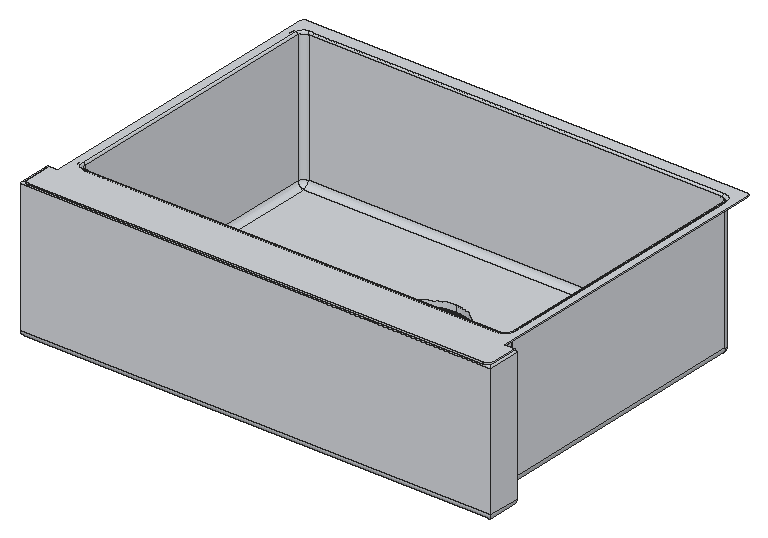
Revit family "Sink-Kitchen-KOHLER-Strive-K-5417", category Plumbing Fixtures, host Face, Revit 2015
Parameters (values of type "NA-Stainless Steel")
  Width = 21 1/4"  # constant formula
  Waste Water Outlet = "Waste Water Outlet"  # constant formula
  Waste Connection = yes
  Vent Connection = no
  URL = "https://www.us.kohler.com/us/"
  Product Page URL = "http://www.us.kohler.com/us/catalog/productDetails.jsp?productNumber=5417"
  Product Name = "Strive"  # constant formula
  Product Documentation Link = "http://www.us.kohler.com/onlinecatalog/pdf/K-5417_spec.pdf"
  Model = "K-5417-NA"  # constant formula
  Material = "16 Gauge Stainless Steel"  # constant formula
  MasterFormat 2004 = "22.41.16"  # constant formula
  MasterFormat 1995 = "15410"  # constant formula
  Manufacturer Address = "444 Highland Dr, Kohler, WI 53044"  # constant formula
  Manufacturer = "KOHLER Co."  # constant formula
  Length = 29 1/2"  # constant formula
  Hot Water Inlet = "Hot Water Inlet"  # constant formula
  Height = 12"  # constant formula
  HW Connection = no
  Finish = Kohler-Metal-NA-Stainless
  Environmental Product Declaration = ""
  Description = "Under-Mount Apron Front Kitchen Sink"  # constant formula
  Default Elevation = 36"
  Declare Label = ""
  Date Modified = "03/30/2018"  # constant formula
  Date Created = "03/30/2018"  # constant formula
  Copyright = "Copyright KOHLER Co."  # constant formula
  Contact Us = "https://www.us.kohler.com/us/static/contact.jsp"
  Cold Water Inlet = "Cold Water Inlet"  # constant formula
  CW Connection = no
  Assembly Code = "D2010400"
  ADA Compliant = no
Reference planes (in)
  plane 1 "Center (Front/Back)": y = 0
  plane 2: z = 0
  plane 3 "Center (Left/Right)": x = 0
  plane 4: y = -48.01563
  plane 5: y = -26.76563
  plane 6: x = -14.75
  plane 7: x = 14.75
  plane 8: z = -13
  plane 9: z = -1
Forms (in)
  Extrusion 1, void
    sketch origin (0, -36.12062, 0) x (1, 0, 0) y (0, 1, 0)
      loop
        arc (-13.38964, -11.395) -> (-13.53609, -11.74855) -> (-13.88964, -11.895) r 0.5
        line (-13.88964, -11.895) -> (13.86036, -11.895)
        arc (13.86036, -11.895) -> (13.50681, -11.74855) -> (13.36036, -11.395) r 0.5
        line (13.36036, -11.395) -> (13.36036, 8.07371)
        arc (13.36036, 8.07371) -> (13.24252, 8.35821) -> (12.95802, 8.47606) r 0.40234
        line (12.95802, 8.47606) -> (-12.98827, 8.47606)
        arc (-12.98827, 8.47606) -> (-13.27208, 8.3585) -> (-13.38964, 8.07468) r 0.40137
        line (-13.38964, 8.07468) -> (-13.38964, -11.395)
    from 0 to -1
  Extrusion 2, void
    sketch origin (0, 0, 0) x (1, 0, 0) y (0, 1, 0)
      loop
        line (13.99575, -46.01562) -> (13.99575, -27.02563)
        arc (13.99575, -27.02563) -> (13.92252, -26.84885) -> (13.74575, -26.77563) r 0.25
        line (13.74575, -26.77563) -> (-13.75425, -26.77563)
        arc (-13.75425, -26.77563) -> (-13.93103, -26.84885) -> (-14.00425, -27.02563) r 0.25
        line (-14.00425, -27.02563) -> (-14.00425, -46.01562) -> (-14.75, -46.01562) -> (-14.75, -48.01562) -> (14.75, -48.01562) -> (14.75, -46.01562) -> (13.99575, -46.01562)
    from -13 to -1
Dimensions and locks (in)
  "Width": plane 4 to plane 5
  "Length": plane 6 to plane 7
  "Height": plane 8 to plane 9
  aligned and locked: plane 2 to host face
  aligned and locked: level to host face
Automatic sketch dimensions
  host sketch curve to host sketch curve = 96"  (x2)
  Extrusion 1 sketch curve to plane 4 = 0"
  plane 6 to Extrusion 1 sketch curve = 0.86036"
  plane 6 to Extrusion 1 sketch curve = 1.36036"
  Extrusion 1 sketch curve to Extrusion 1 sketch curve = 0.40137"
  plane 5 to Extrusion 1 sketch curve = 0.87894"
  plane 7 to Extrusion 1 sketch curve = 1.79198"
  plane 4 to Extrusion 1 sketch curve = 1/2"
  plane 7 to Extrusion 1 sketch curve = 1.38964"
  Extrusion 2 sketch curve to plane 4 = 0"
  Extrusion 2 sketch curve to plane 6 = 0"
  Extrusion 2 sketch curve to plane 7 = 0"
  Extrusion 2 sketch curve to Extrusion 2 sketch curve = 0.74575"
  Extrusion 2 sketch curve to Extrusion 2 sketch curve = 1/4"  (x2)
  plane 5 to Extrusion 2 sketch curve = 0.01"
  plane 7 to Extrusion 2 sketch curve = 1.00425"
  Extrusion 2 sketch curve to Extrusion 2 sketch curve = 2"  (x2)
Nested families (in)
  nested 1: "K-5417" at (-0.00425, -36.36892, -1.07226), type "K-5417"
Connectors (in)
  piping at (-0.00425, -34.68392, -13.07226), diameter 1.5, driven by "Waste Water Outlet", driven by "Waste Connection"
    settings: on nested 1, index 1, connector inside diameter 24", connector length 0", flow factor 0, pipe flow 0 GPM, pressure drop 0.00 psi, fitting loss kfactor 0, connector angle 0.00°, fixture units 0, engagement length 0", angle of deflection 0.00°, flow configuration 0, flow direction 2, fitting loss method 0, system type 16, joint type 0, gender type 0, connector reference index -1, connector utility 1, adjustable connector no, is connector primary yes, connector description "Waste Water Outlet"
Definition of nested family "K-5417"
  Parameters (values of type "K-5417")
    Material = none
  Reference planes (in)
    plane 1 "Center (Front/Back)": y = 0
    plane 2: z = 0
    plane 3 "Center (Left/Right)": x = 0
  Forms (in)
    Sweep 1, solid, material <- "Material"
      path origin (0, 0, 0) x (1, 0, 0) y (0, 1, 0)
        loop
          line (-13.375, 8.33425) -> (-13.375, -8.33328)
          arc (-13.375, -8.33328) -> (-13.26173, -8.60673) -> (-12.98828, -8.72) r 0.38672
          line (-12.98828, -8.72) -> (12.98828, -8.72)
          arc (12.98828, -8.72) -> (13.26173, -8.60673) -> (13.375, -8.33328) r 0.38672
          line (13.375, -8.33328) -> (13.375, 8.33328)
          arc (13.375, 8.33328) -> (13.26173, 8.60673) -> (12.98828, 8.72) r 0.38672
          line (12.98828, 8.72) -> (-12.98925, 8.72)
          arc (-12.98925, 8.72) -> (-13.26202, 8.60702) -> (-13.375, 8.33425) r 0.38575
      profile origin (-13.375, 0.00048, 0) x (1, 0, 0) y (0, 0, 1)
        loop
          line (-0.06, -0.125) -> (-0.06, -8.2722)
          arc (-0.06, -8.2722) -> (0.06943, -8.58855) -> (0.38349, -8.72344) r 0.45131
          line (0.38349, -8.72344) -> (0.38349, -8.66093)
          arc (0.38349, -8.66093) -> (0.11363, -8.54435) -> (0.0025, -8.2722) r 0.38881
          line (0.0025, -8.2722) -> (0.0025, -0.12891)
          arc (0.0025, -0.12891) -> (-0.03526, -0.03776) -> (-0.12641, 0) r 0.12891
          line (-0.12641, 0) -> (-0.33594, 0) -> (-0.33594, -0.06) -> (-0.125, -0.06)
          arc (-0.125, -0.06) -> (-0.07904, -0.07904) -> (-0.06, -0.125) r 0.065
    Extrusion 2, solid, material <- "Material"
      sketch origin (0, 0, 0) x (1, 0, 0) y (0, 1, 0)
        loop
          line (-12.99151, 8.33651) -> (-12.99151, -8.33651) -> (12.99151, -8.33651) -> (12.99151, 8.33651) -> (-12.99151, 8.33651)
        loop
          circle (0, 1.68504) r 2.37899
      from -8.72344 to -8.66093
    Revolve 3, solid, material <- "Material"
      sketch origin (0, 0, 0) x (0, 1, 0) y (0, 0, 1)
        loop
          line (3.97834, -9.16194) -> (4.07965, -9.0275) -> (4.07965, -8.65945) -> (4.00153, -8.65945) -> (4.00153, -9.03277) -> (3.96217, -9.085) -> (3.36187, -9.085)
          arc (3.36187, -9.085) -> (3.25618, -9.12716) -> (3.20855, -9.2305) r 0.15353
          line (3.20855, -9.2305) -> (3.17655, -9.84109)
          arc (3.17655, -9.84109) -> (3.14744, -9.90423) -> (3.08285, -9.93) r 0.09382
          line (3.08285, -9.93) -> (1.685, -9.93) -> (1.685, -12) -> (2.59127, -12) -> (2.685, -11.83765) -> (2.685, -11.406) -> (2.61815, -11.406) -> (2.61815, -11.01988)
          arc (2.61815, -11.01988) -> (2.6566, -10.86199) -> (2.76335, -10.73947) r 0.34337
          line (2.76335, -10.73947) -> (3.1818, -10.73947)
          arc (3.1818, -10.73947) -> (3.23296, -10.71827) -> (3.25416, -10.66711) r 0.07235
          line (3.25416, -10.66711) -> (3.25416, -10.54969)
          arc (3.25416, -10.54969) -> (3.25715, -10.53466) -> (3.26566, -10.52192) r 0.03928
          line (3.26566, -10.52192) -> (3.3099, -10.47768)
          arc (3.3099, -10.47768) -> (3.32224, -10.44659) -> (3.32372, -10.41316) r 0.10077
          line (3.32372, -10.41316) -> (3.36245, -10.37444) -> (3.36245, -10.085) -> (3.64016, -10.085)
          arc (3.64016, -10.085) -> (3.66347, -10.07535) -> (3.67312, -10.05204) r 0.03296
          line (3.67312, -10.05204) -> (3.67312, -9.97223)
          arc (3.67312, -9.97223) -> (3.68696, -9.93883) -> (3.72035, -9.925) r 0.04723
          line (3.72035, -9.925) -> (3.90453, -9.925)
          arc (3.90453, -9.925) -> (3.92608, -9.91608) -> (3.935, -9.89453) r 0.03047
          line (3.935, -9.89453) -> (3.935, -9.335) -> (3.37091, -9.335) -> (3.37091, -9.30034) -> (3.55239, -9.30034) -> (3.97834, -9.16194)
        axis (1.685, -12) -> (1.685, -8.65945)
      angle from 0 to 360
    Revolve 4, solid, material <- "Material"
      sketch origin (0, 0, 0) x (0, 1, 0) y (0, 0, 1)
        loop
          arc (1.8432, -10.597) -> (1.90194, -10.57267) -> (1.92627, -10.51393) r 0.08307
          line (1.92627, -10.51393) -> (1.92627, -10.46001) -> (1.83378, -10.46001) -> (1.83378, -9.085) -> (1.94459, -9.085)
          arc (1.94459, -9.085) -> (1.99414, -9.04192) -> (1.95838, -8.98686) r 0.05004
          line (1.95838, -8.98686) -> (1.88541, -8.96593)
          arc (1.88541, -8.96593) -> (1.78581, -8.94755) -> (1.685, -8.93782) r 1.17596
          line (1.685, -8.93782) -> (1.685, -10.597) -> (1.8432, -10.597)
        axis (1.685, -8.93782) -> (1.685, -10.597)
      angle from 0 to 360
    Extrusion 5, solid, material <- "Material"
      sketch origin (0, 0, 0) x (1, 0, 0) y (0, 1, 0)
        loop
          line (-14.625, -9.645) -> (-14.625, -11.25828)
          arc (-14.625, -11.25828) -> (-14.51173, -11.53173) -> (-14.23828, -11.645) r 0.38672
          line (-14.23828, -11.645) -> (14.2383, -11.645)
          arc (14.2383, -11.645) -> (14.51174, -11.53174) -> (14.625, -11.2583) r 0.3867
          line (14.625, -11.2583) -> (14.625, -9.645) -> (14, -9.645) -> (14, 9.345)
          arc (14, 9.345) -> (13.92678, 9.52178) -> (13.75, 9.595) r 0.25
          line (13.75, 9.595) -> (-13.75, 9.595)
          arc (-13.75, 9.595) -> (-13.92678, 9.52178) -> (-14, 9.345) r 0.25
          line (-14, 9.345) -> (-14, -9.645) -> (-14.625, -9.645)
        loop
          line (12.98828, 8.93094) -> (-12.98925, 8.93094)
          arc (-12.98925, 8.93094) -> (-13.49956, 8.71956) -> (-13.71094, 8.20925) r 0.72169
          line (-13.71094, 8.20925) -> (-13.71094, -8.20828)
          arc (-13.71094, -8.20828) -> (-13.49928, -8.71928) -> (-12.98828, -8.93094) r 0.72266
          line (-12.98828, -8.93094) -> (12.98828, -8.93094)
          arc (12.98828, -8.93094) -> (13.49928, -8.71928) -> (13.71094, -8.20828) r 0.72266
          line (13.71094, -8.20828) -> (13.71094, 8.20828)
          arc (13.71094, 8.20828) -> (13.49928, 8.71928) -> (12.98828, 8.93094) r 0.72266
      from 0 to -0.07226
    Sweep 6, solid, material <- "Material"
      path origin (0, 0, 0) x (1, 0, 0) y (0, 1, 0)
        loop
          line (-14.75, -9.645) -> (-14.75, -11.645) -> (14.75, -11.645) -> (14.75, -9.645)
      profile origin (0, -11.645, 0) x (0, 1, 0) y (0, 0, 1)
        loop
          line (1.98437, -0.05859) -> (0.12656, -0.05859)
          arc (0.12656, -0.05859) -> (0.03707, -0.09566) -> (0, -0.18515) r 0.12656
          line (0, -0.18515) -> (0, -8.41102)
          arc (0, -8.41102) -> (0.11393, -8.68607) -> (0.38898, -8.8) r 0.38898
          line (0.38898, -8.8) -> (1.98578, -8.8) -> (1.98578, -8.74) -> (0.38212, -8.74)
          arc (0.38212, -8.74) -> (0.15435, -8.64565) -> (0.06, -8.41788) r 0.32212
          line (0.06, -8.41788) -> (0.06, -0.18619)
          arc (0.06, -0.18619) -> (0.0798, -0.13839) -> (0.1276, -0.11859) r 0.0676
          line (0.1276, -0.11859) -> (1.98437, -0.11859) -> (1.98437, -0.05859)
    Extrusion 7, solid, material <- "Material"
      sketch origin (2.75, 0, 0) x (1, 0, 0) y (0, 1, 0)
        loop
          line (10.6705, -8.66882) -> (10.6705, -7.693) -> (10.6225, -7.693) -> (10.6225, -8.66915)
          arc (10.6225, -8.66915) -> (10.60806, -8.704) -> (10.57321, -8.71844) r 0.04929
          line (10.57321, -8.71844) -> (10.1672, -8.71844)
          arc (10.1672, -8.71844) -> (10.0914, -8.74983) -> (10.06, -8.82563) r 0.1072
          line (10.06, -8.82563) -> (10.06, -11.47659)
          arc (10.06, -11.47659) -> (10.09175, -11.55325) -> (10.16841, -11.585) r 0.10841
          line (10.16841, -11.585) -> (11.56, -11.585) -> (11.56, -11.537) -> (10.16768, -11.537)
          arc (10.16768, -11.537) -> (10.12548, -11.51952) -> (10.108, -11.47732) r 0.05968
          line (10.108, -11.47732) -> (10.108, -8.82685)
          arc (10.108, -8.82685) -> (10.1257, -8.78413) -> (10.16842, -8.76644) r 0.06042
          line (10.16842, -8.76644) -> (10.57288, -8.76644)
          arc (10.57288, -8.76644) -> (10.64191, -8.73784) -> (10.6705, -8.66882) r 0.09762
        loop
          arc (-16.1705, -8.66882) -> (-16.14191, -8.73784) -> (-16.07288, -8.76644) r 0.09762
          line (-16.07288, -8.76644) -> (-15.66842, -8.76644)
          arc (-15.66842, -8.76644) -> (-15.6257, -8.78413) -> (-15.608, -8.82685) r 0.06042
          line (-15.608, -8.82685) -> (-15.608, -11.47732)
          arc (-15.608, -11.47732) -> (-15.62548, -11.51952) -> (-15.66768, -11.537) r 0.05968
          line (-15.66768, -11.537) -> (-17.06, -11.537) -> (-17.06, -11.585) -> (-15.66841, -11.585)
          arc (-15.66841, -11.585) -> (-15.59175, -11.55325) -> (-15.56, -11.47659) r 0.10841
          line (-15.56, -11.47659) -> (-15.56, -8.82563)
          arc (-15.56, -8.82563) -> (-15.5914, -8.74983) -> (-15.6672, -8.71844) r 0.1072
          line (-15.6672, -8.71844) -> (-16.07321, -8.71844)
          arc (-16.07321, -8.71844) -> (-16.10806, -8.704) -> (-16.1225, -8.66915) r 0.04929
          line (-16.1225, -8.66915) -> (-16.1225, -7.693) -> (-16.1705, -7.693) -> (-16.1705, -8.66882)
      from -5.56 to -0.56
    Extrusion 8, solid, material <- "Material"
      sketch origin (0, 0, 0) x (1, 0, 0) y (0, 1, 0)
        loop
          circle (0, 1.685) r 1.5
        loop
          circle (0, 2.93053) r 0.07488
        loop
          circle (0, 0.435) r 0.0653
        loop
          circle (-0.80348, 2.64256) r 0.06421
        loop
          circle (-1.25, 1.685) r 0.05562
        loop
          circle (-1.13288, 2.21327) r 0.06821
        loop
          circle (-0.80348, 0.72744) r 0.06421
        loop
          circle (-1.13288, 1.15673) r 0.06821
        loop
          circle (0.80348, 2.64256) r 0.06421
        loop
          circle (1.13288, 2.21327) r 0.06821
        loop
          circle (0.80348, 0.72744) r 0.06421
        loop
          circle (1.25, 1.685) r 0.05562
        loop
          circle (1.13288, 1.15673) r 0.06821
        loop
          circle (-0.39898, 2.84592) r 0.06784
        loop
          circle (0.45491, 2.81714) r 0.07123
        loop
          circle (-0.27178, 2.55577) r 0.07704
        loop
          circle (-0.60525, 2.23189) r 0.07123
        loop
          circle (-0.70352, 1.3347) r 0.07123
        loop
          circle (-0.39651, 0.92461) r 0.07196
        loop
          circle (-0.72285, 1.82661) r 0.07196
        loop
          circle (0.27178, 2.55577) r 0.07704
        loop
          circle (0.60525, 2.23189) r 0.07123
        loop
          circle (0.70352, 1.3347) r 0.07123
        loop
          circle (0.39651, 0.92461) r 0.07196
        loop
          circle (0.72285, 1.82661) r 0.07196
        loop
          circle (-0.23301, 2.15418) r 0.08075
        loop
          circle (-0.46775, 1.65064) r 0.08523
        loop
          circle (-0.18273, 1.16061) r 0.08075
        loop
          circle (0.20176, 2.20106) r 0.08075
        loop
          circle (0.46775, 1.65064) r 0.08523
        loop
          circle (0.21398, 1.19186) r 0.08075
      from -9.88429 to -9.48789
  Cuts and joins
    joined: Sweep 1, Extrusion 2, Revolve 3, Revolve 4, Extrusion 5, Sweep 6, Extrusion 8
  Lines and regions (in)
    Masking region 1
      outline origin (0, 0, 0) x (1, 0, 0) y (0, 1, 0)
        loop
          line (-14.75, -11.645) -> (14.75, -11.645) -> (14.75, -9.645) -> (14, -9.645) -> (14, 9.345)
          arc (14, 9.345) -> (13.92678, 9.52178) -> (13.75, 9.595) r 0.25
          line (13.75, 9.595) -> (-13.75, 9.595)
          arc (-13.75, 9.595) -> (-13.92678, 9.52178) -> (-14, 9.345) r 0.25
          line (-14, 9.345) -> (-14, -9.645) -> (-14.75, -9.645) -> (-14.75, -11.645)
    Masking region 2
      outline origin (0, 0, 0) x (1, 0, 0) y (0, 0, 1)
        loop
          line (-14.75, -0.18515) -> (-14.75, -8.41102)
          arc (-14.75, -8.41102) -> (-14.63607, -8.68607) -> (-14.36102, -8.8) r 0.38898
          line (-14.36102, -8.8) -> (-2.39465, -8.8) -> (-2.39465, -9.0275) -> (-2.29334, -9.16194) -> (-1.86739, -9.30034) -> (-1.68596, -9.30034) -> (-1.68596, -9.335) -> (-2.25, -9.335) -> (-2.25, -9.89392)
          arc (-2.25, -9.89392) -> (-2.24078, -9.91617) -> (-2.21852, -9.92539) r 0.03148
          line (-2.21852, -9.92539) -> (-2.03437, -9.92539)
          arc (-2.03437, -9.92539) -> (-2.00147, -9.93902) -> (-1.98785, -9.97191) r 0.04652
          line (-1.98785, -9.97191) -> (-1.98785, -10.05359)
          arc (-1.98785, -10.05359) -> (-1.97862, -10.07586) -> (-1.95636, -10.08508) r 0.03149
          line (-1.95636, -10.08508) -> (-1.67801, -10.08508) -> (-1.67801, -10.37387) -> (-1.63872, -10.41316)
          arc (-1.63872, -10.41316) -> (-1.63762, -10.44667) -> (-1.6249, -10.47768) r 0.09448
          line (-1.6249, -10.47768) -> (-1.58164, -10.52094)
          arc (-1.58164, -10.52094) -> (-1.5728, -10.53417) -> (-1.5697, -10.54978) r 0.04078
          line (-1.5697, -10.54978) -> (-1.5697, -10.66728)
          arc (-1.5697, -10.66728) -> (-1.54855, -10.71832) -> (-1.4975, -10.73947) r 0.07219
          line (-1.4975, -10.73947) -> (-1.07835, -10.73947)
          arc (-1.07835, -10.73947) -> (-0.98177, -10.85137) -> (-0.93315, -10.99097) r 0.39458
          line (-0.93315, -10.99097) -> (-0.93315, -11.406) -> (-1, -11.406) -> (-1, -11.83765) -> (-0.90627, -12) -> (0, -12) -> (0.90627, -12) -> (1, -11.83765) -> (1, -11.406) -> (0.93315, -11.406) -> (0.93315, -10.99097)
          arc (0.93315, -10.99097) -> (0.98177, -10.85137) -> (1.07835, -10.73947) r 0.39458
          line (1.07835, -10.73947) -> (1.4975, -10.73947)
          arc (1.4975, -10.73947) -> (1.54855, -10.71832) -> (1.5697, -10.66728) r 0.07219
          line (1.5697, -10.66728) -> (1.5697, -10.54978)
          arc (1.5697, -10.54978) -> (1.5728, -10.53417) -> (1.58164, -10.52094) r 0.04078
          line (1.58164, -10.52094) -> (1.6249, -10.47768)
          arc (1.6249, -10.47768) -> (1.63762, -10.44667) -> (1.63872, -10.41316) r 0.09448
          line (1.63872, -10.41316) -> (1.67801, -10.37387) -> (1.67801, -10.08508) -> (1.95636, -10.08508)
          arc (1.95636, -10.08508) -> (1.97862, -10.07586) -> (1.98785, -10.05359) r 0.03149
          line (1.98785, -10.05359) -> (1.98785, -9.97191)
          arc (1.98785, -9.97191) -> (2.00147, -9.93902) -> (2.03437, -9.92539) r 0.04652
          line (2.03437, -9.92539) -> (2.21852, -9.92539)
          arc (2.21852, -9.92539) -> (2.24078, -9.91617) -> (2.25, -9.89392) r 0.03148
          line (2.25, -9.89392) -> (2.25, -9.335) -> (1.68596, -9.335) -> (1.68596, -9.30034) -> (1.86739, -9.30034) -> (2.29334, -9.16194) -> (2.39465, -9.0275) -> (2.39465, -8.8) -> (14.36102, -8.8)
          arc (14.36102, -8.8) -> (14.63607, -8.68607) -> (14.75, -8.41102) r 0.38898
          line (14.75, -8.41102) -> (14.75, -0.18515)
          arc (14.75, -0.18515) -> (14.73128, -0.11891) -> (14.68065, -0.07226) r 0.12656
          line (14.68065, -0.07226) -> (14.75, -0.07226) -> (14.75, 0) -> (-14.75, 0) -> (-14.75, -0.07226) -> (-14.68065, -0.07226)
          arc (-14.68065, -0.07226) -> (-14.73128, -0.11891) -> (-14.75, -0.18515) r 0.12656
    Masking region 3
      outline origin (0, 0, 0) x (0, 1, 0) y (0, 0, 1)
        loop
          line (9.595, 0) -> (-11.645, 0) -> (-11.645, -0.07226) -> (-11.57565, -0.07226)
          arc (-11.57565, -0.07226) -> (-11.62628, -0.11891) -> (-11.645, -0.18515) r 0.12656
          line (-11.645, -0.18515) -> (-11.645, -8.40293)
          arc (-11.645, -8.40293) -> (-11.52577, -8.69077) -> (-11.23793, -8.81) r 0.40707
          line (-11.23793, -8.81) -> (-9.645, -8.81) -> (-9.645, -5.56) -> (-8.77853, -5.56) -> (-8.77853, -8.72344) -> (-0.70965, -8.72344) -> (-0.70965, -9.0275) -> (-0.60834, -9.16194) -> (-0.18239, -9.30034) -> (-0.00096, -9.30034) -> (-0.00096, -9.335) -> (-0.565, -9.335) -> (-0.565, -9.89392)
          arc (-0.565, -9.89392) -> (-0.55578, -9.91617) -> (-0.53352, -9.92539) r 0.03148
          line (-0.53352, -9.92539) -> (-0.34937, -9.92539)
          arc (-0.34937, -9.92539) -> (-0.31647, -9.93902) -> (-0.30285, -9.97191) r 0.04652
          line (-0.30285, -9.97191) -> (-0.30285, -10.05359)
          arc (-0.30285, -10.05359) -> (-0.29362, -10.07586) -> (-0.27136, -10.08508) r 0.03149
          line (-0.27136, -10.08508) -> (0.00699, -10.08508) -> (0.00699, -10.37387) -> (0.04628, -10.41316)
          arc (0.04628, -10.41316) -> (0.04738, -10.44667) -> (0.0601, -10.47768) r 0.09448
          line (0.0601, -10.47768) -> (0.10336, -10.52094)
          arc (0.10336, -10.52094) -> (0.1122, -10.53417) -> (0.1153, -10.54978) r 0.04078
          line (0.1153, -10.54978) -> (0.1153, -10.66728)
          arc (0.1153, -10.66728) -> (0.13645, -10.71832) -> (0.1875, -10.73947) r 0.07219
          line (0.1875, -10.73947) -> (0.60665, -10.73947)
          arc (0.60665, -10.73947) -> (0.70323, -10.85137) -> (0.75185, -10.99097) r 0.39458
          line (0.75185, -10.99097) -> (0.75185, -11.406) -> (0.685, -11.406) -> (0.685, -11.83765) -> (0.77873, -12) -> (1.685, -12) -> (2.59127, -12) -> (2.685, -11.83765) -> (2.685, -11.406) -> (2.61815, -11.406) -> (2.61815, -10.99097)
          arc (2.61815, -10.99097) -> (2.66677, -10.85137) -> (2.76335, -10.73947) r 0.39458
          line (2.76335, -10.73947) -> (3.1825, -10.73947)
          arc (3.1825, -10.73947) -> (3.23355, -10.71832) -> (3.2547, -10.66728) r 0.07219
          line (3.2547, -10.66728) -> (3.2547, -10.54978)
          arc (3.2547, -10.54978) -> (3.2578, -10.53417) -> (3.26664, -10.52094) r 0.04078
          line (3.26664, -10.52094) -> (3.3099, -10.47768)
          arc (3.3099, -10.47768) -> (3.32262, -10.44667) -> (3.32372, -10.41316) r 0.09448
          line (3.32372, -10.41316) -> (3.36301, -10.37387) -> (3.36301, -10.08508) -> (3.64136, -10.08508)
          arc (3.64136, -10.08508) -> (3.66362, -10.07586) -> (3.67285, -10.05359) r 0.03149
          line (3.67285, -10.05359) -> (3.67285, -9.97191)
          arc (3.67285, -9.97191) -> (3.68647, -9.93902) -> (3.71937, -9.92539) r 0.04652
          line (3.71937, -9.92539) -> (3.90352, -9.92539)
          arc (3.90352, -9.92539) -> (3.92578, -9.91617) -> (3.935, -9.89392) r 0.03148
          line (3.935, -9.89392) -> (3.935, -9.335) -> (3.37096, -9.335) -> (3.37096, -9.30034) -> (3.55239, -9.30034) -> (3.97834, -9.16194) -> (4.07965, -9.0275) -> (4.07965, -8.72344) -> (8.78075, -8.72344) -> (8.78075, -0.11329)
          arc (8.78075, -0.11329) -> (8.79277, -0.08428) -> (8.82178, -0.07226) r 0.04102
          line (8.82178, -0.07226) -> (9.595, -0.07226) -> (9.595, 0)
    symbolic lines, detail levels medium+fine
      curve 1: arc (12.98828, 8.93094, 0) -> (13.49928, 8.71928, 0) -> (13.71094, 8.20828, 0) r 0.72266
      curve 2: line (13.71094, 8.20828, 0) -> (13.71094, -8.20828, 0)
      curve 3: arc (13.71094, -8.20828, 0) -> (13.49928, -8.71928, 0) -> (12.98828, -8.93094, 0) r 0.72266
      curve 4: line (12.98828, -8.93094, 0) -> (-12.98828, -8.93094, 0)
      curve 5: arc (-12.98828, -8.93094, 0) -> (-13.49928, -8.71928, 0) -> (-13.71094, -8.20828, 0) r 0.72266
      curve 6: line (-12.99151, 8.21151, 0) -> (-12.99151, -8.21151, 0)
      curve 7: line (12.99151, 8.21151, 0) -> (-12.99151, 8.21151, 0)
      curve 8: line (-12.99151, -8.21151, 0) -> (12.99151, -8.21151, 0)
      curve 9: line (-12.99151, 8.21151, 0) -> (-12.99151, -8.21151, 0)
      curve 10: line (12.99151, -8.21151, 0) -> (12.99151, 8.21151, 0)
      curve 11: line (-13.71094, -8.20828, 0) -> (-13.71094, 8.20925, 0)
      curve 12: arc (-13.71094, 8.20925, 0) -> (-13.49956, 8.71956, 0) -> (-12.98925, 8.93094, 0) r 0.72169
      curve 13: line (-12.98925, 8.93094, 0) -> (12.98828, 8.93094, 0)
      curve 14: arc (0, 4.07965, 0) -> (-2.39465, 1.685, 0) -> (0, -0.70965, 0) r 2.39465
      curve 15: arc (0, 3.1634, 0) -> (-1.4784, 1.685, 0) -> (0, 0.2066, 0) r 1.4784
      curve 16: arc (1.5, 1.685, 0) -> (0, 3.185, 0) -> (-1.5, 1.685, 0) r 1.5
      curve 17: arc (0, 0.2066, 0) -> (1.4784, 1.685, 0) -> (0, 3.1634, 0) r 1.4784
      curve 18: arc (0, 1.53622, 0) -> (0.14878, 1.685, 0) -> (0, 1.83378, 0) r 0.14878
      curve 19: arc (0, 1.83378, 0) -> (-0.14878, 1.685, 0) -> (0, 1.53622, 0) r 0.14878
      curve 20: arc (0, 1.88541, 0) -> (0.20041, 1.685, 0) -> (0, 1.48459, 0) r 0.20041
      curve 21: arc (0, 1.48459, 0) -> (-0.20041, 1.685, 0) -> (0, 1.88541, 0) r 0.20041
      curve 22: arc (0, -0.70965, 0) -> (2.39465, 1.685, 0) -> (0, 4.07965, 0) r 2.39465
      curve 23: arc (-1.5, 1.685, 0) -> (0, 0.185, 0) -> (1.5, 1.685, 0) r 1.5
      curve 24: arc (0, 4.00153, 0) -> (-2.31653, 1.685, 0) -> (0, -0.63153, 0) r 2.31653
      curve 25: arc (0, -0.63153, 0) -> (2.31653, 1.685, 0) -> (0, 4.00153, 0) r 2.31653
      curve 26: arc (0, 3.97834, 0) -> (2.29334, 1.685, 0) -> (0, -0.60834, 0) r 2.29334
      curve 27: arc (0, -0.60834, 0) -> (-2.29334, 1.685, 0) -> (0, 3.97834, 0) r 2.29334
      curve 28: arc (0, 3.96217, 0) -> (2.27717, 1.685, 0) -> (0, -0.59217, 0) r 2.27717
      curve 29: arc (0, -0.59217, 0) -> (-2.27717, 1.685, 0) -> (0, 3.96217, 0) r 2.27717
      curve 30: arc (0, -0.565, 0) -> (2.25, 1.685, 0) -> (0, 3.935, 0) r 2.25
      curve 31: arc (0, 3.935, 0) -> (-2.25, 1.685, 0) -> (0, -0.565, 0) r 2.25
      curve 32: line (-2.39465, 0, -8.8) -> (2.39465, 0, -8.8)
      curve 33: line (-1.68596, 0, -9.30034) -> (1.68596, 0, -9.30034)
      curve 34: line (-1.68596, 0, -9.335) -> (1.68596, 0, -9.335)
      curve 35: line (-2.03437, 0, -9.92539) -> (2.03437, 0, -9.92539)
      curve 36: line (-1.67801, 0, -10.08508) -> (1.67801, 0, -10.08508)
      curve 37: line (-1.67801, 0, -10.37387) -> (1.67801, 0, -10.37387)
      curve 38: line (-1.63872, 0, -10.41316) -> (1.63872, 0, -10.41316)
      curve 39: line (-1.07835, 0, -10.73947) -> (1.07835, 0, -10.73947)
      curve 40: line (-0.93315, 0, -11.406) -> (0.93315, 0, -11.406)
      curve 41: line (-2.39465, 0, -9.0275) -> (2.39465, 0, -9.0275)
      curve 42: line (0, 4.07965, -8.72344) -> (0, -0.70965, -8.72344)
      curve 43: line (0, 3.37091, -9.30034) -> (0, -0.00096, -9.30034)
      curve 44: line (0, 3.37091, -9.335) -> (0, -0.00091, -9.335)
      curve 45: line (0, 3.71937, -9.92539) -> (0, -0.34937, -9.92539)
      curve 46: line (0, 3.36301, -10.08508) -> (0, 0.00699, -10.08508)
      curve 47: line (0, 3.36245, -10.37444) -> (0, 0.00755, -10.37444)
      curve 48: line (0, 3.32372, -10.41316) -> (0, 0.04628, -10.41316)
      curve 49: line (0, 2.76335, -10.73947) -> (0, 0.60665, -10.73947)
      curve 50: line (0, 2.61815, -11.406) -> (0, 0.75185, -11.406)
      curve 51: line (0, 2.685, -11.83765) -> (0, 0.685, -11.83765)
      curve 52: line (0, -8.32117, -0.56) -> (0, -11.585, -0.56)
      curve 53: line (0, -8.32117, -5.56) -> (0, -8.32117, -0.56)
      curve 54: line (0, -11.585, -5.56) -> (0, -8.32117, -5.56)
      curve 55: line (0, -9.645, -8.8) -> (0, -9.645, -0.56)
      curve 56: line (0, -8.695, -0.56) -> (0, -8.695, -5.56)
      curve 57: line (0, -8.65353, -0.56) -> (0, -8.65353, 0)
    reference lines
      curve 58: line (0, 1.685, -11.83765) -> (0, 1.685, -14.58765)
  Dimensions and locks (in)
    aligned and locked: plane 2 to level
    aligned and locked: Extrusion 2 to Sweep 1  (x2)
